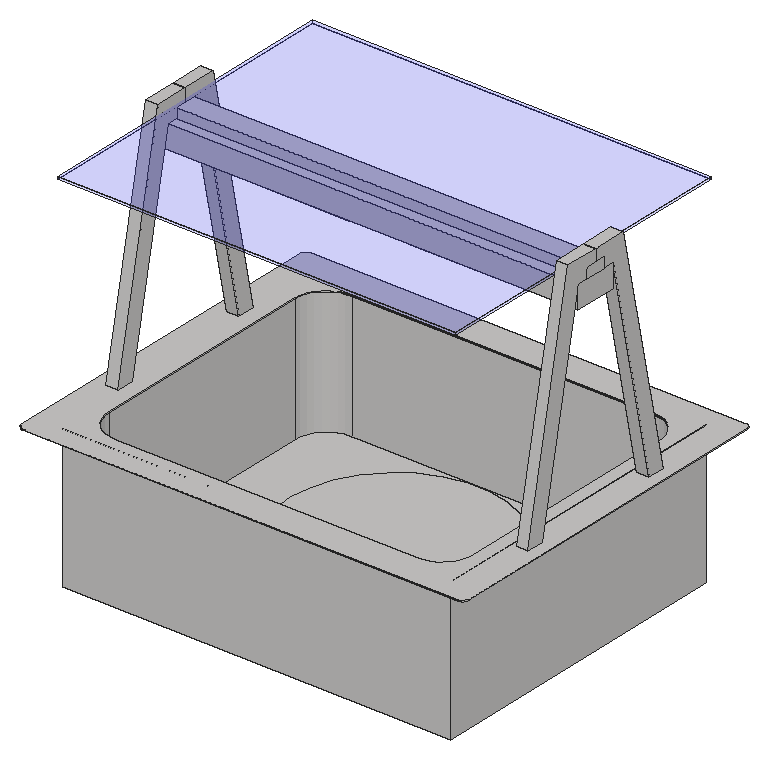
Revit family "QF_ELECTROLUXPROFESSIONAL_341159_D03H2O", category Attrezzature speciali, Revit 2020
Family settings
  Quota connettore circolare = Usa diametro
  Tipo di parte = Normale
  Basato su piano di lavoro = No
  Sempre verticale = Sì
  Taglio con vuoti quando caricato = No
  Condiviso = No
  Punto di calcolo locali = No
Parameters (values of type "Standard")
  Weight = 38.96 kg
  Watts = 0 W
  Volts = 220 V
  URL Manufacturer = "https://www.electroluxprofessional.com/"
  URL = "https://www.electroluxprofessional.com/"
  Steam Supply Size = 0 mm
  Steam Supply Minimum Pressure = 0.0 Pa
  Steam Supply Maximum Pressure = 0.0 Pa
  Steam Consumption per Hour = 0
  Refrigeration Suction Line Size = 0 mm
  Refrigeration Liquid Line Size = 0 mm
  Refrigerant Compressor Remote = yes
  Prospetto di default = 0 mm
  Produttore = "Electrolux Professional"
  Phase = 1
  Modello = "D03H2O"
  Length Actual = 770 mm  # constant formula
  Item Number = "341159"
  Hot Water Size = 0 mm
  Height Actual = 680 mm  # constant formula
  HP = "0 HP"
  Gas Size = 0 mm
  Gas KW = 0
  Gas Input Pressure = 0 W
  Direct Waste Size = 0 mm
  Descrizione = "DROP-IN BAIN-MARIE, AIR VENTILATED, SINGLE WELL, 2GN WITH A TYPE OVERSHELF AND HALOGEN LAMP"
  Depth Actual = 620 mm  # constant formula
  Cycle = 50 Hz
  Condensate Return Size = 0 mm
  Compressed Air Volume = 0.0 L/s
  Compressed Air Size = 0 mm
  Compressed Air Pressure = 0.0 Pa
  Cold Water Size = 0 mm
  Accessory = yes
Reference planes
  plane 1 "BACK": y = 0
  plane 2: z = 5.426
  plane 3 "LEFT": x = 0
  plane 4: y = -620
  plane 5: z = 409.426
  plane 6: y = -310
Forms (mm)
  Extrusion 1, solid, material "QF_Finishes_Stainless Steel"
    sketch origin (-650, 0, 5.426) x (1, 0, 0) y (0, 1, 0)
      loop
        arc (660, 0) -> (652.929, -2.929) -> (650, -10) r 10
        line (650, -10) -> (650, -610)
        arc (650, -610) -> (652.929, -617.071) -> (660, -620) r 10
        line (660, -620) -> (1410, -620)
        arc (1410, -620) -> (1417.071, -617.071) -> (1420, -610) r 10
        line (1420, -610) -> (1420, -10)
        arc (1420, -10) -> (1417.071, -2.929) -> (1410, 0) r 10
        line (1410, 0) -> (660, 0)
    from 0 to 1
  Extrusion 2, solid, material "QF_Finishes_Stainless Steel"
    sketch origin (0, 0, 12.548) x (1, 0, 0) y (0, 1, 0)
      loop
        line (50, -35) -> (50, -585) -> (720, -585) -> (720, -35) -> (50, -35)
    from -251.122 to -7.122
  Extrusion 3, void
    sketch origin (0, 0, -2.817) x (1, 0, 0) y (0, 1, 0)
      loop
        arc (125, -55) -> (86.109, -71.109) -> (70, -110) r 55
        line (70, -110) -> (70, -510)
        arc (70, -510) -> (86.109, -548.891) -> (125, -565) r 55
        line (125, -565) -> (644.507, -565)
        arc (644.507, -565) -> (683.398, -548.891) -> (699.507, -510) r 55
        line (699.507, -510) -> (699.507, -110)
        arc (699.507, -110) -> (683.398, -71.109) -> (644.507, -55) r 55
        line (644.507, -55) -> (125, -55)
    from -209.107 to 9.244
  Extrusion 4, solid, material "QF_Finishes_Stainless Steel"
    sketch origin (21.5, -620, 0) x (0, -1, 0) y (0, 0, -1)
      loop
        line (-310, -409.426) -> (-250.873, -409.426) -> (-165, -5.426) -> (-195, -5.426) -> (-272.583, -370.426) -> (-310, -370.426) -> (-310, -409.426)
    from 0 to 20
  Extrusion 5, solid, material "QF_Finishes_Stainless Steel"
    sketch origin (21.5, 0, 0) x (0, 1, 0) y (0, 0, 1)
      loop
        line (-310, 409.426) -> (-310, 370.426) -> (-272.583, 370.426) -> (-195, 5.426) -> (-165, 5.426) -> (-250.873, 409.426) -> (-310, 409.426)
    from 0 to 20
  Extrusion 6, solid, material "QF_Finishes_Stainless Steel"
    sketch origin (749, -620, 0) x (0, -1, 0) y (0, 0, 1)
      loop
        line (-310, 409.426) -> (-310, 370.426) -> (-272.583, 370.426) -> (-195, 5.426) -> (-165, 5.426) -> (-250.873, 409.426) -> (-310, 409.426)
    from 0 to 20
  Extrusion 7, solid, material "QF_Finishes_Stainless Steel"
    sketch origin (749, 0, 0) x (0, 1, 0) y (0, 0, -1)
      loop
        line (-310, -409.426) -> (-250.873, -409.426) -> (-165, -5.426) -> (-195, -5.426) -> (-272.583, -370.426) -> (-310, -370.426) -> (-310, -409.426)
    from 0 to 20
  Extrusion 8, solid, material "QF_Finishes_Stainless Steel"
    sketch origin (0, 0, 0) x (0, 1, 0) y (0, 0, 1)
      loop
        line (-291.292, 370.426) -> (-291.292, 387.956) -> (-328.917, 387.956) -> (-328.917, 370.426) -> (-291.292, 370.426)
    from 21.5 to 749
  Extrusion 9, solid, material "Vetro"
    sketch origin (-15.44, 0, 5.426) x (1, 0, 0) y (0, 1, 0)
      loop
        line (56.94, -35) -> (56.94, -585) -> (744.44, -585) -> (744.44, -35) -> (56.94, -35)
    from 382.529 to 387.529
  Extrusion 10, solid, material "QF_Finishes_Stainless Steel"
    sketch origin (329.693, -341.308, -643.387) x (0, 0, -1) y (0, 1, 0)
      loop
        circle (-372.814, -140.692) r 12.7
    from 5 to 70.307
  Extrusion 11, solid, material "QF_Finishes_Stainless Steel"
    sketch origin (0, 0, 0) x (0, 1, 0) y (0, 0, 1)
      loop
        line (-272.583, 370.426) -> (-347.583, 370.426) -> (-347.583, 330.426) -> (-272.583, 330.426) -> (-272.583, 370.426)
    from 21.5 to 749
  Extrusion 12, solid, material "QF_Finishes_Stainless Steel"
    sketch origin (34.947, 0, 0) x (0, 1, 0) y (0, 0, 1)
      loop
        line (-280.414, 330.426) -> (-340.414, 330.426) -> (-340.414, 325.426) -> (-280.414, 325.426) -> (-280.414, 330.426)
    from 113.553 to 313.553
  Extrusion 13, solid, material "QF_Finishes_Stainless Steel"
    sketch origin (769.053, 0, 0) x (0, 1, 0) y (0, 0, -1)
      loop
        line (-280.414, -330.426) -> (-280.414, -325.426) -> (-340.414, -325.426) -> (-340.414, -330.426) -> (-280.414, -330.426)
    from 113.553 to 313.553
  Extrusion 14, solid, material "QF_Finishes_Stainless Steel"
    sketch origin (0, 0, 5.426) x (1, 0, 0) y (0, 1, 0)
      loop
        circle (386.025, -481.971) r 12.675
    from -276 to -244
  Extrusion 15, solid, material "QF_Finishes_Stainless Steel"
    sketch origin (1420, 0, 22.375) x (-1, 0, 0) y (0, -1, 0)
      loop
        circle (1015.693, 310) r 180
    from -234.299 to -181.299
  Extrusion 16, solid, material "QF_Finishes_Stainless Steel"
    sketch origin (0, 0, 0.351) x (0, 1, 0) y (0, 0, 1)
      loop
        line (-161.185, -238.924) -> (-461.185, -238.924) -> (-461.185, -268.924) -> (-161.185, -268.924) -> (-161.185, -238.924)
    from 247.74 to 572.66
Cuts and joins
  Extrusion 3 cuts Extrusion 1
  Extrusion 3 cuts Extrusion 2
Dimensions and locks
  equal spacing: Extrusion 1, Extrusion 2 sketch curve, Extrusion 2 sketch curve, Extrusion 1  (x2)
  Extrusion 1 to Extrusion 1 = 770 mm
  Extrusion 1 to plane 1 "BACK" = 620 mm
  equal spacing: Extrusion 2, Extrusion 3 sketch curve, Extrusion 3 sketch curve, Extrusion 2  (x2)
  plane 5 to plane 2 = 404 mm
  Extrusion 11 sketch curve to cut or joined group of Extrusion 1, Extrusion 3 = 324 mm
  aligned and locked: level to plane 2
Connectors
  piping at (334.693, -482, -270.574), diameter 25.4
    settings: on Extrusion 10, index 5, connector inside diameter 609.6 mm, connector length 0 mm, flow factor 0, pipe flow 0.0 L/s, pressure drop 0.0 Pa, fitting loss kfactor 0, connector angle 0.00°, fixture units 0, engagement length 0 mm, angle of deflection 0.00°, flow configuration 0, flow direction 0, fitting loss method 0, system type 29, joint type 0, gender type 0, connector reference index -1, connector utility 0, adjustable connector no, is connector primary yes, connector description "D"
